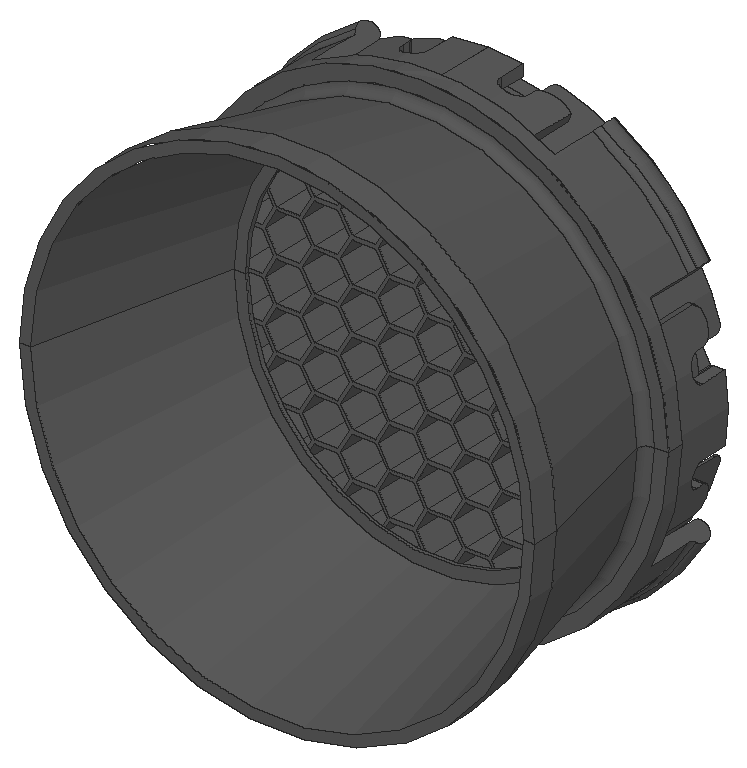
Revit family "SD1903", category Luminárias, Revit 2023
Family settings
  Cota do conector redondo = Utilizar diâmetro
  Tipo de parte = Normal
  Corte com vazios quando carregada = Não
  Fonte luminosa = Não
  Manter orientação da anotação = Não
  Compartilhado = Sim
  Ponto de cálculo do ambiente = Não
Parameters (values of type "SD1903")
  URL = "https://stella.com.br/"
  Referência = "SD1903"
  Modelo = "Kit Grade - Para Spot Flow MR11"
  Fabricante = "Stella"
  Estrutura = Al - Preto
  Default Elevation = 0 m
  Diâmetro [instance] = 0.046 m
  built-in parameter 1001306 [instance] = 0.046 m
  Altura = 0.025 m
Reference planes (m)
  plane 1 "Centro (Frente/Trás)": y = 0
  plane 2: z = 0
  plane 3 "Esquerda": x = 0
  plane 4 "Direita": x = 0.046
  plane 5: y = 0.012
  plane 6: y = -0.013
  plane 7: z = 0.023
  plane 8: z = -0.023
Forms (m)
  Revolve 1, solid, material "Al - Preto" <- "Estrutura"
    sketch origin (0, -0.013, 0) x (1, 0, 0) y (0, 1, 0)
      loop
        line (0.0009, 0) -> (0.004994, 0.01755) -> (0.002112, 0.01755) -> (0.002006, 0.023662)
        arc (0.002006, 0.023662) -> (0.001797, 0.024141) -> (0.001294, 0.02435) r 0.000712
        arc (0.001294, 0.02435) -> (0.000856, 0.024249) -> (0.000507, 0.023967) r 0.001
        arc (0.000507, 0.023967) -> (0.000301, 0.023265) -> (0.00059, 0.022593) r 0.00108
        arc (0.00059, 0.022593) -> (0.000833, 0.02223) -> (0.000881, 0.021795) r 0.000918
        line (0.000881, 0.021795) -> (0.00078, 0.01605) -> (0.002095, 0.01605)
        arc (0.002095, 0.01605) -> (0.002722, 0.015747) -> (0.002875, 0.015068) r 0.0008
        line (0.002875, 0.015068) -> (-0.000056, 0.002504) -> (-0.0001, 0) -> (0.0009, 0)
      axis (0.023, 0.02435) -> (0.023, 0)
    angle from 0 to 360
  Revolve 2, solid, material "Al - Preto" <- "Estrutura"
    sketch origin (0, 0, 0) x (1, 0, 0) y (0, 1, 0)
      loop
        arc (0.0027, 0.00525) -> (0.002905, 0.004755) -> (0.0034, 0.00455) r 0.0007
        line (0.0034, 0.00455) -> (0.006086, 0.00455) -> (0.006086, 0.0121) -> (0.0027, 0.0121) -> (0.0027, 0.00525)
      axis (0.023, 0.00455) -> (0.023, 0.0121)
    angle from 0 to 360
  Revolve 3, void
    sketch origin (0, 0, 0) x (1, 0, 0) y (0, 1, 0)
      loop
        line (0.003, 0.0121) -> (0.003, 0.005427)
        arc (0.003, 0.005427) -> (0.003169, 0.005019) -> (0.003577, 0.00485) r 0.000577
        line (0.003577, 0.00485) -> (0.006291, 0.00485) -> (0.006291, 0.0121) -> (0.003, 0.0121)
      axis (0.023, 0.00485) -> (0.023, 0.0121)
    angle from 0 to 360
  Extrusion 4, void
    sketch origin (0, 0, 0) x (1, 0, 0) y (0, 1, 0)
      loop
        line (0.0181, 0.00905) -> (0.0279, 0.00905) -> (0.0279, 0.0115)
        arc (0.0279, 0.0115) -> (0.028076, 0.011924) -> (0.0285, 0.0121) r 0.0006
        line (0.0285, 0.0121) -> (0.0175, 0.0121)
        arc (0.0175, 0.0121) -> (0.017924, 0.011924) -> (0.0181, 0.0115) r 0.0006
        line (0.0181, 0.0115) -> (0.0181, 0.00905)
    from -0.020699 to 0.020712
  Extrusion 5, void
    sketch origin (0.023, 0, -0.023) x (0, 0, 1) y (0, 1, 0)
      loop
        line (0.0181, 0.00905) -> (0.0279, 0.00905) -> (0.0279, 0.0115)
        arc (0.0279, 0.0115) -> (0.028076, 0.011924) -> (0.0285, 0.0121) r 0.0006
        line (0.0285, 0.0121) -> (0.0175, 0.0121)
        arc (0.0175, 0.0121) -> (0.017924, 0.011924) -> (0.0181, 0.0115) r 0.0006
        line (0.0181, 0.0115) -> (0.0181, 0.00905)
    from -0.020699 to 0.020712
  Revolve 6, solid, material "Al - Preto" <- "Estrutura"
    sketch origin (0, 0, 0) x (1, 0, 0) y (0, 1, 0)
      loop
        line (0.005204, 0.0105) -> (0.005204, 0.0121) -> (0.0033, 0.0121)
        arc (0.0033, 0.0121) -> (0.002876, 0.011924) -> (0.0027, 0.0115) r 0.0006
        line (0.0027, 0.0115) -> (0.0027, 0.0105) -> (0.005204, 0.0105)
      axis (0.023, 0.0105) -> (0.023, 0.0121)
    angle from 0 to 360
  Extrusion 7, void
    sketch origin (0.006708, 0, -0.016245) x (0.708021, 0, 0.706192) y (0, 1, 0)
      loop
        line (0.027, 0.0121) -> (0.019, 0.0121) -> (0.019, 0.0105) -> (0.027, 0.0105) -> (0.027, 0.0121)
    from -0.02062 to 0.0206
  Extrusion 8, void
    sketch origin (0.039292, 0, -0.016245) x (-0.708021, 0, 0.706192) y (0, -1, 0)
      loop
        line (0.019, -0.0105) -> (0.019, -0.0121) -> (0.027, -0.0121) -> (0.027, -0.0105) -> (0.019, -0.0105)
    from -0.02062 to 0.0206
  Extrusion 9, void
    sketch origin (0.006737, 0, 0.016263) x (0.707107, 0, -0.707107) y (0.707107, 0, 0.707107)
      loop
        arc (0.005064, 0.002433) -> (0.0049, 0) -> (0.005064, -0.002433) r 0.0181
        arc (0.005064, -0.002433) -> (0.004945, -0.002829) -> (0.004569, -0.003) r 0.0005
        line (0.004569, -0.003) -> (0.002543, -0.003)
        arc (0.002543, -0.003) -> (0.00838, -0.01462) -> (0.02, -0.020457) r 0.020675
        line (0.02, -0.020457) -> (0.02, -0.018431)
        arc (0.02, -0.018431) -> (0.020171, -0.018055) -> (0.020567, -0.017936) r 0.0005
        arc (0.020567, -0.017936) -> (0.023, -0.0181) -> (0.025433, -0.017936) r 0.0181
        arc (0.025433, -0.017936) -> (0.025829, -0.018055) -> (0.026, -0.018431) r 0.0005
        line (0.026, -0.018431) -> (0.026, -0.020457)
        arc (0.026, -0.020457) -> (0.03762, -0.01462) -> (0.043457, -0.003) r 0.020675
        line (0.043457, -0.003) -> (0.041431, -0.003)
        arc (0.041431, -0.003) -> (0.041055, -0.002829) -> (0.040936, -0.002433) r 0.0005
        arc (0.040936, -0.002433) -> (0.0411, 0) -> (0.040936, 0.002433) r 0.0181
        arc (0.040936, 0.002433) -> (0.041055, 0.002829) -> (0.041431, 0.003) r 0.0005
        line (0.041431, 0.003) -> (0.043457, 0.003)
        arc (0.043457, 0.003) -> (0.03762, 0.01462) -> (0.026, 0.020457) r 0.020675
        line (0.026, 0.020457) -> (0.026, 0.018431)
        arc (0.026, 0.018431) -> (0.025829, 0.018055) -> (0.025433, 0.017936) r 0.0005
        arc (0.025433, 0.017936) -> (0.023, 0.0181) -> (0.020567, 0.017936) r 0.0181
        arc (0.020567, 0.017936) -> (0.020171, 0.018055) -> (0.02, 0.018431) r 0.0005
        line (0.02, 0.018431) -> (0.02, 0.020457)
        arc (0.02, 0.020457) -> (0.00838, 0.01462) -> (0.002543, 0.003) r 0.020675
        line (0.002543, 0.003) -> (0.004569, 0.003)
        arc (0.004569, 0.003) -> (0.004945, 0.002829) -> (0.005064, 0.002433) r 0.0005
    from -0.012324 to -0.00455
  Revolve 10, void
    sketch origin (0, 0, 0) x (1, 0, 0) y (0, 1, 0)
      loop
        line (0.002969, 0.011223) -> (0.002969, 0.010183) -> (0.006454, 0.010183) -> (0.006454, 0.0118) -> (0.003547, 0.0118)
        arc (0.003547, 0.0118) -> (0.003138, 0.011631) -> (0.002969, 0.011223) r 0.000577
      axis (0.023, 0.010183) -> (0.023, 0.0118)
    angle from 0 to 360
  Extrusion 11, solid, material "Al - Preto" <- "Estrutura"
    sketch origin (0, 0, 0) x (1, 0, 0) y (0, 0, 1)
      loop
        circle (0.023, -0.000022) r 0.0195
    from -0.0115 to -0.00515
  Extrusion 12, void
    sketch origin (0, 0, 0) x (1, 0, 0) y (0, 0, 1)
      loop
        line (0.024033, -0.002132) -> (0.021955, -0.002132) -> (0.020916, -0.003932) -> (0.021955, -0.005732) -> (0.024033, -0.005732) -> (0.025073, -0.003932) -> (0.024033, -0.002132)
      loop
        line (0.024033, 0.001778) -> (0.021955, 0.001778) -> (0.020916, -0.000022) -> (0.021955, -0.001822) -> (0.024033, -0.001822) -> (0.025073, -0.000022) -> (0.024033, 0.001778)
      loop
        line (0.024033, -0.006032) -> (0.021955, -0.006032) -> (0.020916, -0.007832) -> (0.021955, -0.009632) -> (0.024033, -0.009632) -> (0.025073, -0.007832) -> (0.024033, -0.006032)
      loop
        line (0.024033, -0.009932) -> (0.021955, -0.009932) -> (0.020916, -0.011732) -> (0.021955, -0.013532) -> (0.024033, -0.013532) -> (0.025073, -0.011732) -> (0.024033, -0.009932)
      loop
        line (0.024033, -0.013832) -> (0.021955, -0.013832) -> (0.020916, -0.015632) -> (0.021955, -0.017432) -> (0.024033, -0.017432) -> (0.025073, -0.015632) -> (0.024033, -0.013832)
      loop
        line (0.024033, -0.017732) -> (0.021955, -0.017732) -> (0.020916, -0.019532) -> (0.021955, -0.021332) -> (0.024033, -0.021332) -> (0.025073, -0.019532) -> (0.024033, -0.017732)
      loop
        line (0.024033, 0.017378) -> (0.021955, 0.017378) -> (0.020916, 0.015578) -> (0.021955, 0.013778) -> (0.024033, 0.013778) -> (0.025073, 0.015578) -> (0.024033, 0.017378)
      loop
        line (0.024033, 0.021288) -> (0.021955, 0.021288) -> (0.020916, 0.019488) -> (0.021955, 0.017688) -> (0.024033, 0.017688) -> (0.025073, 0.019488) -> (0.024033, 0.021288)
      loop
        line (0.024033, 0.013478) -> (0.021955, 0.013478) -> (0.020916, 0.011678) -> (0.021955, 0.009878) -> (0.024033, 0.009878) -> (0.025073, 0.011678) -> (0.024033, 0.013478)
      loop
        line (0.024033, 0.009578) -> (0.021955, 0.009578) -> (0.020916, 0.007778) -> (0.021955, 0.005978) -> (0.024033, 0.005978) -> (0.025073, 0.007778) -> (0.024033, 0.009578)
      loop
        line (0.024033, 0.005678) -> (0.021955, 0.005678) -> (0.020916, 0.003878) -> (0.021955, 0.002078) -> (0.024033, 0.002078) -> (0.025073, 0.003878) -> (0.024033, 0.005678)
      loop
        line (0.02742, -0.004087) -> (0.025341, -0.004087) -> (0.024302, -0.005887) -> (0.025341, -0.007687) -> (0.02742, -0.007687) -> (0.028459, -0.005887) -> (0.02742, -0.004087)
      loop
        line (0.02742, -0.000177) -> (0.025341, -0.000177) -> (0.024302, -0.001977) -> (0.025341, -0.003777) -> (0.02742, -0.003777) -> (0.028459, -0.001977) -> (0.02742, -0.000177)
      loop
        line (0.02742, -0.007987) -> (0.025341, -0.007987) -> (0.024302, -0.009787) -> (0.025341, -0.011587) -> (0.02742, -0.011587) -> (0.028459, -0.009787) -> (0.02742, -0.007987)
      loop
        line (0.02742, -0.011887) -> (0.025341, -0.011887) -> (0.024302, -0.013687) -> (0.025341, -0.015487) -> (0.02742, -0.015487) -> (0.028459, -0.013687) -> (0.02742, -0.011887)
      loop
        line (0.02742, 0.015423) -> (0.025341, 0.015423) -> (0.024302, 0.013623) -> (0.025341, 0.011823) -> (0.02742, 0.011823) -> (0.028459, 0.013623) -> (0.02742, 0.015423)
      loop
        line (0.02742, 0.011523) -> (0.025341, 0.011523) -> (0.024302, 0.009723) -> (0.025341, 0.007923) -> (0.02742, 0.007923) -> (0.028459, 0.009723) -> (0.02742, 0.011523)
      loop
        line (0.02742, 0.007623) -> (0.025341, 0.007623) -> (0.024302, 0.005823) -> (0.025341, 0.004023) -> (0.02742, 0.004023) -> (0.028459, 0.005823) -> (0.02742, 0.007623)
      loop
        line (0.02742, 0.003723) -> (0.025341, 0.003723) -> (0.024302, 0.001923) -> (0.025341, 0.000123) -> (0.02742, 0.000123) -> (0.028459, 0.001923) -> (0.02742, 0.003723)
      loop
        line (0.018569, -0.004087) -> (0.01753, -0.005887) -> (0.018569, -0.007687) -> (0.020647, -0.007687) -> (0.021687, -0.005887) -> (0.020647, -0.004087) -> (0.018569, -0.004087)
      loop
        line (0.018569, -0.000177) -> (0.01753, -0.001977) -> (0.018569, -0.003777) -> (0.020647, -0.003777) -> (0.021687, -0.001977) -> (0.020647, -0.000177) -> (0.018569, -0.000177)
      loop
        line (0.018569, -0.007987) -> (0.01753, -0.009787) -> (0.018569, -0.011587) -> (0.020647, -0.011587) -> (0.021687, -0.009787) -> (0.020647, -0.007987) -> (0.018569, -0.007987)
      loop
        line (0.018569, -0.011887) -> (0.01753, -0.013687) -> (0.018569, -0.015487) -> (0.020647, -0.015487) -> (0.021687, -0.013687) -> (0.020647, -0.011887) -> (0.018569, -0.011887)
      loop
        line (0.018569, 0.015423) -> (0.01753, 0.013623) -> (0.018569, 0.011823) -> (0.020647, 0.011823) -> (0.021687, 0.013623) -> (0.020647, 0.015423) -> (0.018569, 0.015423)
      loop
        line (0.018569, 0.011523) -> (0.01753, 0.009723) -> (0.018569, 0.007923) -> (0.020647, 0.007923) -> (0.021687, 0.009723) -> (0.020647, 0.011523) -> (0.018569, 0.011523)
      loop
        line (0.018569, 0.007623) -> (0.01753, 0.005823) -> (0.018569, 0.004023) -> (0.020647, 0.004023) -> (0.021687, 0.005823) -> (0.020647, 0.007623) -> (0.018569, 0.007623)
      loop
        line (0.018569, 0.003723) -> (0.01753, 0.001923) -> (0.018569, 0.000123) -> (0.020647, 0.000123) -> (0.021687, 0.001923) -> (0.020647, 0.003723) -> (0.018569, 0.003723)
      loop
        line (0.017278, -0.002132) -> (0.0152, -0.002132) -> (0.014161, -0.003932) -> (0.0152, -0.005732) -> (0.017278, -0.005732) -> (0.018318, -0.003932) -> (0.017278, -0.002132)
      loop
        line (0.017278, 0.001778) -> (0.0152, 0.001778) -> (0.014161, -0.000022) -> (0.0152, -0.001822) -> (0.017278, -0.001822) -> (0.018318, -0.000022) -> (0.017278, 0.001778)
      loop
        line (0.017278, -0.006032) -> (0.0152, -0.006032) -> (0.014161, -0.007832) -> (0.0152, -0.009632) -> (0.017278, -0.009632) -> (0.018318, -0.007832) -> (0.017278, -0.006032)
      loop
        line (0.017278, -0.009932) -> (0.0152, -0.009932) -> (0.014161, -0.011732) -> (0.0152, -0.013532) -> (0.017278, -0.013532) -> (0.018318, -0.011732) -> (0.017278, -0.009932)
      loop
        line (0.017278, 0.017378) -> (0.0152, 0.017378) -> (0.014161, 0.015578) -> (0.0152, 0.013778) -> (0.017278, 0.013778) -> (0.018318, 0.015578) -> (0.017278, 0.017378)
      loop
        line (0.017278, 0.013478) -> (0.0152, 0.013478) -> (0.014161, 0.011678) -> (0.0152, 0.009878) -> (0.017278, 0.009878) -> (0.018318, 0.011678) -> (0.017278, 0.013478)
      loop
        line (0.017278, 0.009578) -> (0.0152, 0.009578) -> (0.014161, 0.007778) -> (0.0152, 0.005978) -> (0.017278, 0.005978) -> (0.018318, 0.007778) -> (0.017278, 0.009578)
      loop
        line (0.017278, 0.005678) -> (0.0152, 0.005678) -> (0.014161, 0.003878) -> (0.0152, 0.002078) -> (0.017278, 0.002078) -> (0.018318, 0.003878) -> (0.017278, 0.005678)
      loop
        line (0.011814, -0.004087) -> (0.010775, -0.005887) -> (0.011814, -0.007687) -> (0.013892, -0.007687) -> (0.014932, -0.005887) -> (0.013892, -0.004087) -> (0.011814, -0.004087)
      loop
        line (0.011814, -0.000177) -> (0.010775, -0.001977) -> (0.011814, -0.003777) -> (0.013892, -0.003777) -> (0.014932, -0.001977) -> (0.013892, -0.000177) -> (0.011814, -0.000177)
      loop
        line (0.011814, -0.007987) -> (0.010775, -0.009787) -> (0.011814, -0.011587) -> (0.013892, -0.011587) -> (0.014932, -0.009787) -> (0.013892, -0.007987) -> (0.011814, -0.007987)
      loop
        line (0.011814, -0.011887) -> (0.010775, -0.013687) -> (0.011814, -0.015487) -> (0.013892, -0.015487) -> (0.014932, -0.013687) -> (0.013892, -0.011887) -> (0.011814, -0.011887)
      loop
        line (0.011814, 0.015423) -> (0.010775, 0.013623) -> (0.011814, 0.011823) -> (0.013892, 0.011823) -> (0.014932, 0.013623) -> (0.013892, 0.015423) -> (0.011814, 0.015423)
      loop
        line (0.011814, 0.011523) -> (0.010775, 0.009723) -> (0.011814, 0.007923) -> (0.013892, 0.007923) -> (0.014932, 0.009723) -> (0.013892, 0.011523) -> (0.011814, 0.011523)
      loop
        line (0.011814, 0.007623) -> (0.010775, 0.005823) -> (0.011814, 0.004023) -> (0.013892, 0.004023) -> (0.014932, 0.005823) -> (0.013892, 0.007623) -> (0.011814, 0.007623)
      loop
        line (0.011814, 0.003723) -> (0.010775, 0.001923) -> (0.011814, 0.000123) -> (0.013892, 0.000123) -> (0.014932, 0.001923) -> (0.013892, 0.003723) -> (0.011814, 0.003723)
      loop
        line (0.008428, -0.002132) -> (0.007388, -0.003932) -> (0.008428, -0.005732) -> (0.010506, -0.005732) -> (0.011545, -0.003932) -> (0.010506, -0.002132) -> (0.008428, -0.002132)
      loop
        line (0.008428, 0.001778) -> (0.007388, -0.000022) -> (0.008428, -0.001822) -> (0.010506, -0.001822) -> (0.011545, -0.000022) -> (0.010506, 0.001778) -> (0.008428, 0.001778)
      loop
        line (0.008428, -0.006032) -> (0.007388, -0.007832) -> (0.008428, -0.009632) -> (0.010506, -0.009632) -> (0.011545, -0.007832) -> (0.010506, -0.006032) -> (0.008428, -0.006032)
      loop
        line (0.008428, 0.009578) -> (0.007388, 0.007778) -> (0.008428, 0.005978) -> (0.010506, 0.005978) -> (0.011545, 0.007778) -> (0.010506, 0.009578) -> (0.008428, 0.009578)
      loop
        line (0.008428, 0.005678) -> (0.007388, 0.003878) -> (0.008428, 0.002078) -> (0.010506, 0.002078) -> (0.011545, 0.003878) -> (0.010506, 0.005678) -> (0.008428, 0.005678)
      loop
        line (0.00712, -0.000177) -> (0.005042, -0.000177) -> (0.004002, -0.001977) -> (0.005042, -0.003777) -> (0.00712, -0.003777) -> (0.008159, -0.001977) -> (0.00712, -0.000177)
      loop
        line (0.00712, 0.003723) -> (0.005042, 0.003723) -> (0.004002, 0.001923) -> (0.005042, 0.000123) -> (0.00712, 0.000123) -> (0.008159, 0.001923) -> (0.00712, 0.003723)
      loop
        line (0.02871, -0.002132) -> (0.027671, -0.003932) -> (0.02871, -0.005732) -> (0.030788, -0.005732) -> (0.031828, -0.003932) -> (0.030788, -0.002132) -> (0.02871, -0.002132)
      loop
        line (0.02871, 0.001778) -> (0.027671, -0.000022) -> (0.02871, -0.001822) -> (0.030788, -0.001822) -> (0.031828, -0.000022) -> (0.030788, 0.001778) -> (0.02871, 0.001778)
      loop
        line (0.02871, -0.006032) -> (0.027671, -0.007832) -> (0.02871, -0.009632) -> (0.030788, -0.009632) -> (0.031828, -0.007832) -> (0.030788, -0.006032) -> (0.02871, -0.006032)
      loop
        line (0.02871, -0.009932) -> (0.027671, -0.011732) -> (0.02871, -0.013532) -> (0.030788, -0.013532) -> (0.031828, -0.011732) -> (0.030788, -0.009932) -> (0.02871, -0.009932)
      loop
        line (0.02871, 0.017378) -> (0.027671, 0.015578) -> (0.02871, 0.013778) -> (0.030788, 0.013778) -> (0.031828, 0.015578) -> (0.030788, 0.017378) -> (0.02871, 0.017378)
      loop
        line (0.02871, 0.013478) -> (0.027671, 0.011678) -> (0.02871, 0.009878) -> (0.030788, 0.009878) -> (0.031828, 0.011678) -> (0.030788, 0.013478) -> (0.02871, 0.013478)
      loop
        line (0.02871, 0.009578) -> (0.027671, 0.007778) -> (0.02871, 0.005978) -> (0.030788, 0.005978) -> (0.031828, 0.007778) -> (0.030788, 0.009578) -> (0.02871, 0.009578)
      loop
        line (0.02871, 0.005678) -> (0.027671, 0.003878) -> (0.02871, 0.002078) -> (0.030788, 0.002078) -> (0.031828, 0.003878) -> (0.030788, 0.005678) -> (0.02871, 0.005678)
      loop
        line (0.034175, -0.004087) -> (0.032096, -0.004087) -> (0.031057, -0.005887) -> (0.032096, -0.007687) -> (0.034175, -0.007687) -> (0.035214, -0.005887) -> (0.034175, -0.004087)
      loop
        line (0.034175, -0.000177) -> (0.032096, -0.000177) -> (0.031057, -0.001977) -> (0.032096, -0.003777) -> (0.034175, -0.003777) -> (0.035214, -0.001977) -> (0.034175, -0.000177)
      loop
        line (0.034175, -0.007987) -> (0.032096, -0.007987) -> (0.031057, -0.009787) -> (0.032096, -0.011587) -> (0.034175, -0.011587) -> (0.035214, -0.009787) -> (0.034175, -0.007987)
      loop
        line (0.034175, -0.011887) -> (0.032096, -0.011887) -> (0.031057, -0.013687) -> (0.032096, -0.015487) -> (0.034175, -0.015487) -> (0.035214, -0.013687) -> (0.034175, -0.011887)
      loop
        line (0.034175, 0.015423) -> (0.032096, 0.015423) -> (0.031057, 0.013623) -> (0.032096, 0.011823) -> (0.034175, 0.011823) -> (0.035214, 0.013623) -> (0.034175, 0.015423)
      loop
        line (0.034175, 0.011523) -> (0.032096, 0.011523) -> (0.031057, 0.009723) -> (0.032096, 0.007923) -> (0.034175, 0.007923) -> (0.035214, 0.009723) -> (0.034175, 0.011523)
      loop
        line (0.034175, 0.007623) -> (0.032096, 0.007623) -> (0.031057, 0.005823) -> (0.032096, 0.004023) -> (0.034175, 0.004023) -> (0.035214, 0.005823) -> (0.034175, 0.007623)
      loop
        line (0.034175, 0.003723) -> (0.032096, 0.003723) -> (0.031057, 0.001923) -> (0.032096, 0.000123) -> (0.034175, 0.000123) -> (0.035214, 0.001923) -> (0.034175, 0.003723)
      loop
        line (0.037561, -0.002132) -> (0.035482, -0.002132) -> (0.034443, -0.003932) -> (0.035482, -0.005732) -> (0.037561, -0.005732) -> (0.0386, -0.003932) -> (0.037561, -0.002132)
      loop
        line (0.037561, 0.001778) -> (0.035482, 0.001778) -> (0.034443, -0.000022) -> (0.035482, -0.001822) -> (0.037561, -0.001822) -> (0.0386, -0.000022) -> (0.037561, 0.001778)
      loop
        line (0.037561, -0.006032) -> (0.035482, -0.006032) -> (0.034443, -0.007832) -> (0.035482, -0.009632) -> (0.037561, -0.009632) -> (0.0386, -0.007832) -> (0.037561, -0.006032)
      loop
        line (0.037561, 0.009578) -> (0.035482, 0.009578) -> (0.034443, 0.007778) -> (0.035482, 0.005978) -> (0.037561, 0.005978) -> (0.0386, 0.007778) -> (0.037561, 0.009578)
      loop
        line (0.037561, 0.005678) -> (0.035482, 0.005678) -> (0.034443, 0.003878) -> (0.035482, 0.002078) -> (0.037561, 0.002078) -> (0.0386, 0.003878) -> (0.037561, 0.005678)
      loop
        line (0.038868, -0.000177) -> (0.037829, -0.001977) -> (0.038868, -0.003777) -> (0.040947, -0.003777) -> (0.041986, -0.001977) -> (0.040947, -0.000177) -> (0.038868, -0.000177)
      loop
        line (0.038868, 0.003723) -> (0.037829, 0.001923) -> (0.038868, 0.000123) -> (0.040947, 0.000123) -> (0.041986, 0.001923) -> (0.040947, 0.003723) -> (0.038868, 0.003723)
      loop
        line (0.008428, 0.013478) -> (0.007388, 0.011678) -> (0.008428, 0.009878) -> (0.010506, 0.009878) -> (0.011545, 0.011678) -> (0.010506, 0.013478) -> (0.008428, 0.013478)
      loop
        line (0.008428, -0.009932) -> (0.007388, -0.011732) -> (0.008428, -0.013532) -> (0.010506, -0.013532) -> (0.011545, -0.011732) -> (0.010506, -0.009932) -> (0.008428, -0.009932)
      loop
        line (0.037561, 0.013478) -> (0.035482, 0.013478) -> (0.034443, 0.011678) -> (0.035482, 0.009878) -> (0.037561, 0.009878) -> (0.0386, 0.011678) -> (0.037561, 0.013478)
      loop
        line (0.037561, -0.009932) -> (0.035482, -0.009932) -> (0.034443, -0.011732) -> (0.035482, -0.013532) -> (0.037561, -0.013532) -> (0.0386, -0.011732) -> (0.037561, -0.009932)
      loop
        line (0.017278, -0.017433) -> (0.018318, -0.015633) -> (0.017278, -0.013833) -> (0.0152, -0.013833) -> (0.014161, -0.015633) -> (0.0152, -0.017433) -> (0.017278, -0.017433)
      loop
        line (0.02871, -0.017433) -> (0.030788, -0.017433) -> (0.031828, -0.015633) -> (0.030788, -0.013833) -> (0.02871, -0.013833) -> (0.027671, -0.015633) -> (0.02871, -0.017433)
      loop
        line (0.00712, 0.007623) -> (0.004865, 0.007623) -> (0.003914, 0.005976) -> (0.005042, 0.004023) -> (0.00712, 0.004023) -> (0.008159, 0.005823) -> (0.00712, 0.007623)
      loop
        line (0.038868, 0.007623) -> (0.037829, 0.005823) -> (0.038868, 0.004023) -> (0.040947, 0.004023) -> (0.042075, 0.005976) -> (0.041124, 0.007623) -> (0.038868, 0.007623)
      loop
        line (0.007283, 0.01124) -> (0.005368, 0.007923) -> (0.00712, 0.007923) -> (0.008159, 0.009723) -> (0.007283, 0.01124)
      loop
        line (0.038705, 0.01124) -> (0.037829, 0.009723) -> (0.038868, 0.007923) -> (0.04062, 0.007923) -> (0.038705, 0.01124)
      loop
        line (0.007283, -0.011284) -> (0.008159, -0.009767) -> (0.00712, -0.007967) -> (0.005368, -0.007967) -> (0.007283, -0.011284)
      loop
        line (0.038705, -0.011284) -> (0.04062, -0.007967) -> (0.038868, -0.007967) -> (0.037829, -0.009767) -> (0.038705, -0.011284)
      loop
        line (0.038868, -0.007667) -> (0.041214, -0.007667) -> (0.04212, -0.006098) -> (0.040947, -0.004067) -> (0.038868, -0.004067) -> (0.037829, -0.005867) -> (0.038868, -0.007667)
      loop
        line (0.00712, -0.007667) -> (0.008159, -0.005867) -> (0.00712, -0.004067) -> (0.005042, -0.004067) -> (0.003869, -0.006098) -> (0.004774, -0.007667) -> (0.00712, -0.007667)
      loop
        line (0.042255, 0.001778) -> (0.041215, -0.000022) -> (0.042255, -0.001822) -> (0.044333, -0.001822) -> (0.045372, -0.000022) -> (0.044333, 0.001778) -> (0.042255, 0.001778)
      loop
        line (0.042411, 0.005678) -> (0.041333, 0.00381) -> (0.042197, 0.002313) -> (0.044468, 0.002313) -> (0.045372, 0.003878) -> (0.044333, 0.005678) -> (0.042411, 0.005678)
      loop
        line (0.003578, 0.005678) -> (0.001655, 0.005678) -> (0.000616, 0.003878) -> (0.00152, 0.002313) -> (0.003791, 0.002313) -> (0.004656, 0.00381) -> (0.003578, 0.005678)
      loop
        line (0.042411, -0.005722) -> (0.044333, -0.005722) -> (0.045372, -0.003922) -> (0.044468, -0.002356) -> (0.042197, -0.002356) -> (0.041333, -0.003854) -> (0.042411, -0.005722)
      loop
        line (0.003578, -0.005722) -> (0.004656, -0.003854) -> (0.003791, -0.002356) -> (0.00152, -0.002356) -> (0.000616, -0.003922) -> (0.001655, -0.005722) -> (0.003578, -0.005722)
      loop
        line (0.02871, 0.017668) -> (0.030788, 0.017668) -> (0.031828, 0.019468) -> (0.030788, 0.021268) -> (0.02871, 0.021268) -> (0.027671, 0.019468) -> (0.02871, 0.017668)
      loop
        line (0.034096, 0.015723) -> (0.035175, 0.017591) -> (0.034175, 0.019323) -> (0.032174, 0.019323) -> (0.031096, 0.017455) -> (0.032096, 0.015723) -> (0.034096, 0.015723)
      loop
        line (0.018569, 0.015733) -> (0.020647, 0.015733) -> (0.021687, 0.017533) -> (0.020956, 0.018799) -> (0.018877, 0.018799) -> (0.017838, 0.016999) -> (0.018569, 0.015733)
      loop
        line (0.02742, 0.015733) -> (0.028151, 0.016999) -> (0.027111, 0.018799) -> (0.025033, 0.018799) -> (0.024302, 0.017533) -> (0.025341, 0.015733) -> (0.02742, 0.015733)
      loop
        line (0.018569, -0.015777) -> (0.017838, -0.017043) -> (0.018877, -0.018843) -> (0.020956, -0.018843) -> (0.021687, -0.017577) -> (0.020647, -0.015777) -> (0.018569, -0.015777)
      loop
        line (0.02742, -0.015777) -> (0.025341, -0.015777) -> (0.024302, -0.017577) -> (0.025033, -0.018843) -> (0.027111, -0.018843) -> (0.028151, -0.017043) -> (0.02742, -0.015777)
      loop
        line (0.02871, -0.017712) -> (0.027671, -0.019512) -> (0.02871, -0.021312) -> (0.030788, -0.021312) -> (0.031828, -0.019512) -> (0.030788, -0.017712) -> (0.02871, -0.017712)
      loop
        line (0.034096, -0.015767) -> (0.032096, -0.015767) -> (0.031096, -0.017499) -> (0.032174, -0.019367) -> (0.034175, -0.019367) -> (0.035175, -0.017635) -> (0.034096, -0.015767)
      loop
        line (0.017278, -0.017712) -> (0.0152, -0.017712) -> (0.014161, -0.019512) -> (0.0152, -0.021312) -> (0.017278, -0.021312) -> (0.018318, -0.019512) -> (0.017278, -0.017712)
      loop
        line (0.011892, -0.015767) -> (0.010814, -0.017635) -> (0.011814, -0.019367) -> (0.013814, -0.019367) -> (0.014892, -0.017499) -> (0.013892, -0.015767) -> (0.011892, -0.015767)
      loop
        line (0.003734, 0.001778) -> (0.001655, 0.001778) -> (0.000616, -0.000022) -> (0.001655, -0.001822) -> (0.003734, -0.001822) -> (0.004773, -0.000022) -> (0.003734, 0.001778)
      loop
        line (0.017278, 0.017668) -> (0.018318, 0.019468) -> (0.017278, 0.021268) -> (0.0152, 0.021268) -> (0.014161, 0.019468) -> (0.0152, 0.017668) -> (0.017278, 0.017668)
      loop
        line (0.011892, 0.015723) -> (0.013892, 0.015723) -> (0.014892, 0.017455) -> (0.013814, 0.019323) -> (0.011814, 0.019323) -> (0.010814, 0.017591) -> (0.011892, 0.015723)
    from -0.0115 to -0.00515
  Extrusion 13, void
    sketch origin (0.006752, 0, 0.016257) x (0.707107, 0, -0.707107) y (0.707107, 0, 0.707107)
      loop
        line (0.016977, 0.00599) -> (0.016977, 0.023082)
        arc (0.016977, 0.023082) -> (0.006112, 0.016857) -> (-0.000109, 0.00599) r 0.023879
        line (-0.000109, 0.00599) -> (0.016977, 0.00599)
      loop
        line (0.016977, -0.006041) -> (-0.000109, -0.006041)
        arc (-0.000109, -0.006041) -> (0.006112, -0.016908) -> (0.016977, -0.023133) r 0.023879
        line (0.016977, -0.023133) -> (0.016977, -0.006041)
      loop
        line (0.029015, 0.005997) -> (0.046107, 0.005997)
        arc (0.046107, 0.005997) -> (0.039883, 0.016863) -> (0.029015, 0.023084) r 0.023879
        line (0.029015, 0.023084) -> (0.029015, 0.005997)
      loop
        line (0.029015, -0.006048) -> (0.029015, -0.023134)
        arc (0.029015, -0.023134) -> (0.039883, -0.016913) -> (0.046107, -0.006048) r 0.023879
        line (0.046107, -0.006048) -> (0.029015, -0.006048)
    from -0.0121 to -0.00455
  Revolve 14, solid, material "Al - Preto" <- "Estrutura"
    sketch origin (0.023, 0, 0) x (0, 1, 0) y (0, 0, 1)
      loop
        line (0.00455, 0.021506) -> (0.00455, 0.020517) -> (0.01055, 0.020517) -> (0.01055, 0.021506) -> (0.00455, 0.021506)
      axis (0.00455, 0) -> (0.01055, 0)
    angle from 0 to 360
  Extrusion 15, void
    sketch origin (0, 0, -0.000001) x (1, 0, 0) y (0, 0, 1)
      loop
        arc (0.044908, 0.009401) -> (0.039856, 0.016858) -> (0.032397, 0.021909) r 0.02384
        line (0.032397, 0.021909) -> (0.027238, 0.009881) -> (0.023, 0.005643) -> (0.018762, 0.009881) -> (0.013603, 0.021909)
        arc (0.013603, 0.021909) -> (0.006144, 0.016858) -> (0.001092, 0.009401) r 0.02384
        line (0.001092, 0.009401) -> (0.01205, 0.004699) -> (0.017053, -0.000304) -> (0.013118, -0.004239) -> (0.001091, -0.009399)
        arc (0.001091, -0.009399) -> (0.006142, -0.016856) -> (0.013598, -0.021907) r 0.02384
        line (0.013598, -0.021907) -> (0.018296, -0.010956) -> (0.023, -0.006252) -> (0.027704, -0.010956) -> (0.032402, -0.021907)
        arc (0.032402, -0.021907) -> (0.039858, -0.016856) -> (0.044909, -0.009399) r 0.02384
        line (0.044909, -0.009399) -> (0.032882, -0.004239) -> (0.028947, -0.000304) -> (0.03395, 0.004699) -> (0.044908, 0.009401)
    from -0.0121 to -0.003607
  Extrusion 16, void
    sketch origin (0, 0, 0) x (0, 1, 0) y (0, 0, 1)
      loop
        line (0.00805, 0.003042) -> (0.012, 0.003042) -> (0.012, 0.00848) -> (0.008836, 0.00848)
        spline (0.008836, 0.00848) -> (0.009042, 0.00843) -> (0.009234, 0.008283) -> (0.009399, 0.008049) -> (0.009525, 0.007745) -> (0.009605, 0.00739) -> (0.009632, 0.007009) -> (0.009605, 0.006629) -> (0.009525, 0.006274) -> (0.009399, 0.005969) -> (0.009234, 0.005736) -> (0.009042, 0.005589) -> (0.008836, 0.005539)
        line (0.008836, 0.005539) -> (0.00805, 0.005539)
        spline (0.00805, 0.005539) -> (0.007787, 0.005496) -> (0.007541, 0.005371) -> (0.00733, 0.005173) -> (0.007169, 0.004914) -> (0.007067, 0.004613) -> (0.007032, 0.00429) -> (0.007067, 0.003967) -> (0.007169, 0.003666) -> (0.00733, 0.003407) -> (0.007541, 0.003209) -> (0.007787, 0.003084) -> (0.00805, 0.003042)
      loop
        spline (0.00805, -0.003042) -> (0.007787, -0.003084) -> (0.007541, -0.003209) -> (0.00733, -0.003407) -> (0.007169, -0.003666) -> (0.007067, -0.003967) -> (0.007032, -0.00429) -> (0.007067, -0.004613) -> (0.007169, -0.004914) -> (0.00733, -0.005173) -> (0.007541, -0.005371) -> (0.007787, -0.005496) -> (0.00805, -0.005539)
        line (0.00805, -0.005539) -> (0.008836, -0.005539)
        spline (0.008836, -0.005539) -> (0.009042, -0.005589) -> (0.009234, -0.005736) -> (0.009399, -0.005969) -> (0.009525, -0.006274) -> (0.009605, -0.006629) -> (0.009632, -0.007009) -> (0.009605, -0.00739) -> (0.009525, -0.007745) -> (0.009399, -0.008049) -> (0.009234, -0.008283) -> (0.009042, -0.00843) -> (0.008836, -0.00848)
        line (0.008836, -0.00848) -> (0.012, -0.00848) -> (0.012, -0.003042) -> (0.00805, -0.003042)
    from 0 to 0.046
  Extrusion 17, void
    sketch origin (0.000195, 0, 0) x (1, 0, 0) y (0, 1, 0)
      loop
        spline (0.02596, 0.00805) -> (0.026003, 0.00779) -> (0.026128, 0.007548) -> (0.026326, 0.00734) -> (0.026585, 0.00718) -> (0.026886, 0.00708) -> (0.02721, 0.007046) -> (0.027533, 0.00708) -> (0.027835, 0.00718) -> (0.028093, 0.00734) -> (0.028292, 0.007548) -> (0.028417, 0.00779) -> (0.028459, 0.00805)
        line (0.028459, 0.00805) -> (0.028459, 0.00885)
        spline (0.028459, 0.00885) -> (0.028511, 0.009042) -> (0.028662, 0.009221) -> (0.028901, 0.009374) -> (0.029214, 0.009492) -> (0.029578, 0.009566) -> (0.029969, 0.009592) -> (0.030359, 0.009566) -> (0.030723, 0.009492) -> (0.031036, 0.009374) -> (0.031276, 0.009221) -> (0.031426, 0.009042) -> (0.031478, 0.00885)
        line (0.031478, 0.00885) -> (0.031478, 0.0121) -> (0.02596, 0.0121) -> (0.02596, 0.00805)
      loop
        line (0.019649, 0.00805) -> (0.019649, 0.0121) -> (0.014131, 0.0121) -> (0.014131, 0.00885)
        spline (0.014131, 0.00885) -> (0.014183, 0.009042) -> (0.014334, 0.009221) -> (0.014574, 0.009374) -> (0.014886, 0.009492) -> (0.01525, 0.009566) -> (0.015641, 0.009592) -> (0.016031, 0.009566) -> (0.016395, 0.009492) -> (0.016708, 0.009374) -> (0.016948, 0.009221) -> (0.017099, 0.009042) -> (0.01715, 0.00885)
        line (0.01715, 0.00885) -> (0.01715, 0.00805)
        spline (0.01715, 0.00805) -> (0.017193, 0.00779) -> (0.017317, 0.007548) -> (0.017516, 0.00734) -> (0.017775, 0.00718) -> (0.018076, 0.00708) -> (0.0184, 0.007046) -> (0.018723, 0.00708) -> (0.019024, 0.00718) -> (0.019283, 0.00734) -> (0.019482, 0.007548) -> (0.019606, 0.00779) -> (0.019649, 0.00805)
    from -0.027793 to 0.025798
Cuts and joins
  Extrusion 13 cuts Revolve 1
  Revolve 3, Extrusion 4, Extrusion 5, Extrusion 7, Extrusion 8 cuts Revolve 2
  Extrusion 9, Revolve 10 cuts Revolve 6
  Extrusion 12 cuts Extrusion 11
  Extrusion 15, Extrusion 16, Extrusion 17 cuts Revolve 14
  joined: Revolve 1, Revolve 2, Revolve 6, Extrusion 11, Revolve 14
Lines and regions (m)
  reference lines
    curve 1: line (0, 0, 0) -> (0.046, 0, 0)
  symbolic lines
    curve 2: line (0.0027, 0, -0.000022) -> (0.0433, 0, -0.000022)
Dimensions and locks (m)
  "built-in parameter 1001306": plane 3 "Esquerda" to plane 4 "Direita"
  "Altura": plane 5 to plane 6
  "Diâmetro": plane 4 "Direita" to plane 3 "Esquerda"
  aligned and locked: plane 4 "Direita" to curve 1
  aligned and locked: plane 1 "Centro (Frente/Trás)" to curve 1
  aligned and locked: plane 2 to level
Automatic sketch dimensions
  curve 1 to plane 3 "Esquerda" = 0 m
  Revolve 1 sketch curve to plane 6 = 0 m
  Revolve 1 sketch curve to plane 5 = 0 m
  Revolve 1 sketch curve to plane 3 "Esquerda" = 0.0001 m
  plane 6 to Revolve 1 sketch curve = 0.002504 m
  Revolve 1 sketch curve to Revolve 1 sketch curve = 0.000044 m
  Revolve 1 sketch curve to plane 5 = 0.003084 m
  Revolve 1 sketch curve to Revolve 1 sketch curve = 0.000027 m
  Revolve 1 sketch curve to plane 1 "Centro (Frente/Trás)" = 0.00305 m
  Revolve 1 sketch curve to Revolve 1 sketch curve = 0.00081 m
  Revolve 1 sketch curve to plane 5 = 0.003205 m
  Revolve 1 sketch curve to Revolve 1 sketch curve = 0.00091 m
  Revolve 1 sketch curve to Revolve 1 sketch curve = 0.001 m
  Revolve 1 sketch curve to Revolve 1 sketch curve = 0.000413 m
  Revolve 1 sketch curve to Revolve 1 sketch curve = 0.000086 m
  Revolve 1 sketch curve to Revolve 1 sketch curve = 0.001315 m
  Revolve 1 sketch curve to Revolve 1 sketch curve = 0.000017 m
  Revolve 1 sketch curve to plane 1 "Centro (Frente/Trás)" = 0.002068 m
  Revolve 1 sketch curve to Revolve 1 sketch curve = 0.000779 m
  Revolve 1 sketch curve to plane 1 "Centro (Frente/Trás)" = 0.00455 m
  Revolve 1 sketch curve to Revolve 1 sketch curve = 0.002881 m
  Revolve 1 sketch curve to Revolve 1 sketch curve = 0.001535 m
  Revolve 1 sketch curve to Revolve 1 sketch curve = 0.000019 m
  Revolve 1 sketch curve to Revolve 1 sketch curve = 0.000288 m
  Revolve 1 sketch curve to Revolve 1 sketch curve = 0.000787 m
  Revolve 1 sketch curve to Revolve 1 sketch curve = 0.00029 m
  Revolve 1 sketch curve to plane 5 = 0.001338 m
  Revolve 1 sketch curve to Revolve 1 sketch curve = 0.018006 m
  Revolve 1 sketch curve to plane 6 = 0.0006 m
  plane 1 "Centro (Frente/Trás)" to Revolve 2 sketch curve = 0 m
  plane 3 "Esquerda" to Revolve 2 sketch curve = 0.0027 m
  Revolve 2 sketch curve to Revolve 2 sketch curve = 0.0007 m
  Revolve 2 sketch curve to Revolve 2 sketch curve = 0.002686 m
  Revolve 2 sketch curve to plane 1 "Centro (Frente/Trás)" = 0.00455 m
  plane 5 to Revolve 2 sketch curve = 0.0001 m
  plane 5 to Revolve 2 sketch curve = 0.002326 m
  Revolve 2 sketch curve to Revolve 2 sketch curve = 0.016914 m
  plane 5 to Revolve 3 sketch curve = 0.0001 m
  plane 3 "Esquerda" to Revolve 3 sketch curve = 0.003 m
  Revolve 3 sketch curve to Revolve 3 sketch curve = 0.000577 m
  Revolve 3 sketch curve to Revolve 3 sketch curve = 0.003291 m
  Revolve 3 sketch curve to plane 1 "Centro (Frente/Trás)" = 0.005427 m
  plane 5 to Revolve 3 sketch curve = 0.00105 m
  Revolve 3 sketch curve to Revolve 3 sketch curve = 0.016709 m
  Revolve 3 sketch curve to plane 1 "Centro (Frente/Trás)" = 0.00305 m
  Extrusion 4 sketch curve to plane 5 = 0.0005 m
  plane 3 "Esquerda" to Extrusion 4 sketch curve = 0.0175 m
  Extrusion 4 sketch curve to Extrusion 4 sketch curve = 0.0006 m  (x2)
  Extrusion 4 sketch curve to plane 5 = 0.00295 m
  Extrusion 4 sketch curve to Extrusion 4 sketch curve = 0.0098 m
  Extrusion 5 sketch curve to plane 5 = 0.0005 m
  Extrusion 5 sketch curve to level = 0.0055 m
  Extrusion 5 sketch curve to Extrusion 5 sketch curve = 0.0006 m  (x2)
  level to Extrusion 5 sketch curve = 0.0049 m
  Extrusion 5 sketch curve to Extrusion 5 sketch curve = 0.00245 m
  plane 3 "Esquerda" to Revolve 6 sketch curve = 0.0027 m
  Revolve 6 sketch curve to Revolve 6 sketch curve = 0.0006 m
  Revolve 6 sketch curve to Revolve 6 sketch curve = 0.001904 m
  Revolve 6 sketch curve to plane 5 = 0.0015 m
  Revolve 6 sketch curve to plane 5 = 0.0005 m
  Revolve 6 sketch curve to plane 1 "Centro (Frente/Trás)" = 0.00485 m
  Revolve 6 sketch curve to Revolve 6 sketch curve = 0.017796 m
  plane 5 to Revolve 6 sketch curve = 0.001065 m
  Extrusion 8 sketch curve to plane 5 = 0.0015 m
  plane 5 to Extrusion 8 sketch curve = 0.0001 m
  Extrusion 8 sketch curve to Extrusion 8 sketch curve = 0.008 m
  Extrusion 7 sketch curve to plane 5 = 0.0015 m
  plane 5 to Extrusion 7 sketch curve = 0.0001 m
  Extrusion 7 sketch curve to Extrusion 7 sketch curve = 0.008 m
  Extrusion 9 sketch curve to Extrusion 9 sketch curve = 0 m  (x64)
  Extrusion 9 sketch curve to level = 0 m
  plane 3 "Esquerda" to Extrusion 9 sketch curve = 0.006414 m
  level to Extrusion 9 sketch curve = 0.012344 m
  Extrusion 9 sketch curve to Extrusion 9 sketch curve = 0.002025 m  (x8)
  Extrusion 9 sketch curve to Extrusion 9 sketch curve = 0.015431 m  (x2)
  Extrusion 9 sketch curve to Extrusion 9 sketch curve = 0.0005 m  (x8)
  Extrusion 9 sketch curve to Extrusion 9 sketch curve = 0.0025 m
  Extrusion 9 sketch curve to Extrusion 9 sketch curve = 0.005 m  (x2)
  Extrusion 9 sketch curve to Extrusion 9 sketch curve = 0.018431 m
  Extrusion 9 sketch curve to Extrusion 9 sketch curve = 0.004933 m  (x2)
  Revolve 10 sketch curve to plane 5 = 0.000777 m
  plane 3 "Esquerda" to Revolve 10 sketch curve = 0.002969 m
  Revolve 10 sketch curve to plane 5 = 0.0002 m
  Revolve 10 sketch curve to Revolve 10 sketch curve = 0.002907 m
  Revolve 10 sketch curve to Revolve 10 sketch curve = 0.00104 m
  plane 5 to Revolve 10 sketch curve = 0.00043 m
  Revolve 10 sketch curve to Revolve 10 sketch curve = 0.016546 m
  Revolve 10 sketch curve to plane 5 = 0.00295 m
  Extrusion 11 sketch curve to level = 0.000022 m
  plane 3 "Esquerda" to Extrusion 11 sketch curve = 0.023 m
  Extrusion 12 sketch curve to level = 0.000022 m  (x14)
  plane 3 "Esquerda" to Extrusion 12 sketch curve = 0.000616 m  (x3)
  plane 3 "Esquerda" to Extrusion 12 sketch curve = 0.00152 m  (x2)
  plane 3 "Esquerda" to Extrusion 12 sketch curve = 0.001655 m  (x2)
  Extrusion 12 sketch curve to Extrusion 12 sketch curve = 0.000135 m  (x8)
  Extrusion 12 sketch curve to Extrusion 12 sketch curve = 0.001922 m  (x2)
  Extrusion 12 sketch curve to level = 0.001822 m  (x7)
  Extrusion 12 sketch curve to Extrusion 12 sketch curve = 0.002078 m  (x94)
  level to Extrusion 12 sketch curve = 0.001778 m  (x7)
  Extrusion 12 sketch curve to Extrusion 12 sketch curve = 0.000057 m  (x2)
  Extrusion 12 sketch curve to Extrusion 12 sketch curve = 0.000291 m  (x2)
  Extrusion 12 sketch curve to Extrusion 12 sketch curve = 0.000336 m  (x2)
  Extrusion 12 sketch curve to level = 0.001977 m  (x12)
  Extrusion 12 sketch curve to Extrusion 12 sketch curve = 0.000268 m  (x131)
  level to Extrusion 12 sketch curve = 0.001923 m  (x12)
  Extrusion 12 sketch curve to Extrusion 12 sketch curve = 0.000865 m  (x2)
  Extrusion 12 sketch curve to Extrusion 12 sketch curve = 0.001039 m  (x88)
  Extrusion 12 sketch curve to Extrusion 12 sketch curve = 0.000906 m  (x2)
  Extrusion 12 sketch curve to Extrusion 12 sketch curve = 0.000951 m  (x2)
  Extrusion 12 sketch curve to level = 0.000177 m  (x6)
  Extrusion 12 sketch curve to Extrusion 12 sketch curve = 0.000386 m  (x4)
  Extrusion 12 sketch curve to Extrusion 12 sketch curve = 0 m  (x150)
  level to Extrusion 12 sketch curve = 0.000123 m  (x6)
  Extrusion 12 sketch curve to Extrusion 12 sketch curve = 0.000504 m  (x2)
  Extrusion 12 sketch curve to Extrusion 12 sketch curve = 0.000594 m  (x2)
  Extrusion 12 sketch curve to Extrusion 12 sketch curve = 0.001752 m  (x4)
  Extrusion 12 sketch curve to Extrusion 12 sketch curve = 0.000163 m  (x2)
  Extrusion 12 sketch curve to Extrusion 12 sketch curve = 0.000105 m  (x4)
  Extrusion 12 sketch curve to Extrusion 12 sketch curve = 0.000876 m  (x2)
  Extrusion 12 sketch curve to level = 0.002132 m  (x5)
  Extrusion 12 sketch curve to Extrusion 12 sketch curve = 0.000039 m  (x2)
  Extrusion 12 sketch curve to level = 0.003932 m  (x8)
  level to Extrusion 12 sketch curve = 0.003878 m  (x8)
  Extrusion 12 sketch curve to Extrusion 12 sketch curve = 0.001 m  (x6)
  Extrusion 12 sketch curve to level = 0.003777 m  (x3)
  Extrusion 12 sketch curve to level = 0.004087 m  (x3)
  Extrusion 12 sketch curve to Extrusion 12 sketch curve = 0.000078 m  (x4)
  Extrusion 12 sketch curve to Extrusion 12 sketch curve = 0.002 m  (x8)
  level to Extrusion 12 sketch curve = 0.003723 m  (x3)
  Extrusion 12 sketch curve to Extrusion 12 sketch curve = 0.000347 m  (x4)
  Extrusion 12 sketch curve to level = 0.005887 m  (x6)
  level to Extrusion 12 sketch curve = 0.005823 m  (x6)
  Extrusion 12 sketch curve to level = 0.005732 m  (x3)
  level to Extrusion 12 sketch curve = 0.005978 m  (x3)
  Extrusion 12 sketch curve to Extrusion 12 sketch curve = 0.000308 m  (x4)
  level to Extrusion 12 sketch curve = 0.002078 m  (x3)
  level to Extrusion 12 sketch curve = 0.005678 m  (x2)
  Extrusion 12 sketch curve to Extrusion 12 sketch curve = 0.000251 m  (x51)
  Extrusion 12 sketch curve to Extrusion 12 sketch curve = 0.000559 m  (x8)
  level to Extrusion 12 sketch curve = 0.007778 m  (x4)
  Extrusion 12 sketch curve to Extrusion 12 sketch curve = 0.00048 m  (x2)
  Extrusion 12 sketch curve to level = 0.007832 m  (x4)
  level to Extrusion 12 sketch curve = 0.004023 m  (x2)
  level to Extrusion 12 sketch curve = 0.007623 m  (x2)
  level to Extrusion 12 sketch curve = 0.007923 m  (x2)
  Extrusion 12 sketch curve to level = 0.007987 m  (x2)
  Extrusion 12 sketch curve to Extrusion 12 sketch curve = 0.002039 m  (x2)
  Extrusion 12 sketch curve to Extrusion 12 sketch curve = 0.00004 m  (x4)
  Extrusion 12 sketch curve to Extrusion 12 sketch curve = 0.000731 m  (x6)
  level to Extrusion 12 sketch curve = 0.009723 m  (x2)
  Extrusion 12 sketch curve to level = 0.009787 m  (x2)
  Extrusion 12 sketch curve to level = 0.009632 m
  Extrusion 12 sketch curve to level = 0.009932 m
  level to Extrusion 12 sketch curve = 0.009578 m
  level to Extrusion 12 sketch curve = 0.009878 m
  Extrusion 12 sketch curve to level = 0.007687 m
  Extrusion 12 sketch curve to Extrusion 12 sketch curve = 0.000732 m  (x2)
  Extrusion 12 sketch curve to Extrusion 12 sketch curve = 0.000654 m  (x2)
  Extrusion 12 sketch curve to Extrusion 12 sketch curve = 0.000211 m  (x2)
  Extrusion 12 sketch curve to plane 4 "Direita" = 0.001667 m  (x4)
  Extrusion 12 sketch curve to plane 4 "Direita" = 0.000628 m  (x3)
  Extrusion 12 sketch curve to Extrusion 12 sketch curve = 0.005846 m
  Extrusion 12 sketch curve to Extrusion 12 sketch curve = 0.001352 m
  Extrusion 12 sketch curve to Extrusion 12 sketch curve = 0.007352 m
  Extrusion 12 sketch curve to Extrusion 12 sketch curve = 0.0057 m
  Extrusion 12 sketch curve to Extrusion 12 sketch curve = 0.0018 m  (x58)
  Extrusion 12 sketch curve to Extrusion 12 sketch curve = 0.001654 m
  Extrusion 12 sketch curve to Extrusion 12 sketch curve = 0.000146 m  (x27)
  Extrusion 12 sketch curve to Extrusion 12 sketch curve = 0.000448 m  (x2)
  Extrusion 12 sketch curve to Extrusion 12 sketch curve = 0.000301 m  (x17)
  Extrusion 12 sketch curve to Extrusion 12 sketch curve = 0.000155 m  (x44)
  Extrusion 12 sketch curve to Extrusion 12 sketch curve = 0.000299 m  (x8)
  Extrusion 12 sketch curve to Extrusion 12 sketch curve = 0.000144 m  (x7)
  Extrusion 12 sketch curve to Extrusion 12 sketch curve = 0.00028 m  (x2)
  Extrusion 12 sketch curve to Extrusion 12 sketch curve = 0.00029 m  (x5)
  Extrusion 12 sketch curve to Extrusion 12 sketch curve = 0.001266 m  (x6)
  Extrusion 12 sketch curve to Extrusion 12 sketch curve = 0.000066 m  (x2)
  Extrusion 12 sketch curve to Extrusion 12 sketch curve = 0.000145 m  (x20)
  Extrusion 12 sketch curve to Extrusion 12 sketch curve = 0.001868 m  (x6)
  Extrusion 12 sketch curve to Extrusion 12 sketch curve = 0.000279 m  (x2)
  Extrusion 12 sketch curve to Extrusion 12 sketch curve = 0.0003 m  (x15)
  Extrusion 12 sketch curve to Extrusion 12 sketch curve = 0.001131 m  (x2)
  Extrusion 12 sketch curve to Extrusion 12 sketch curve = 0.001732 m  (x4)
  Extrusion 12 sketch curve to Extrusion 12 sketch curve = 0.000669 m  (x4)
  Extrusion 12 sketch curve to Extrusion 12 sketch curve = 0.000689 m  (x4)
  Extrusion 12 sketch curve to Extrusion 12 sketch curve = 0.000165 m  (x4)
  Extrusion 12 sketch curve to Extrusion 12 sketch curve = 0.001569 m  (x2)
  Extrusion 12 sketch curve to Extrusion 12 sketch curve = 0.000376 m  (x2)
  Extrusion 12 sketch curve to Extrusion 12 sketch curve = 0.000212 m  (x2)
  Extrusion 12 sketch curve to Extrusion 12 sketch curve = 0.00038 m
  Extrusion 12 sketch curve to Extrusion 12 sketch curve = 0.000535 m  (x2)
  Extrusion 12 sketch curve to Extrusion 12 sketch curve = 0.000389 m
  Extrusion 12 sketch curve to Extrusion 12 sketch curve = 0.001411 m
  Extrusion 12 sketch curve to Extrusion 12 sketch curve = 0.000087 m  (x2)
  Extrusion 12 sketch curve to Extrusion 12 sketch curve = 0.001566 m  (x2)
  Extrusion 12 sketch curve to Extrusion 12 sketch curve = 0.000298 m  (x2)
  Extrusion 12 sketch curve to Extrusion 12 sketch curve = 0.001647 m
  Extrusion 12 sketch curve to Extrusion 12 sketch curve = 0.001517 m  (x2)
  Extrusion 12 sketch curve to Extrusion 12 sketch curve = 0.000438 m  (x2)
  Extrusion 12 sketch curve to Extrusion 12 sketch curve = 0.000379 m
  Extrusion 12 sketch curve to Extrusion 12 sketch curve = 0.000077 m  (x2)
  Extrusion 12 sketch curve to Extrusion 12 sketch curve = 0.00031 m
  Extrusion 13 sketch curve to Extrusion 13 sketch curve = 0 m  (x15)
  plane 3 "Esquerda" to Extrusion 13 sketch curve = 0.002403 m
  level to Extrusion 13 sketch curve = 0.012063 m
  Extrusion 13 sketch curve to Extrusion 13 sketch curve = 0.017087 m
  Extrusion 13 sketch curve to Extrusion 13 sketch curve = 0.006023 m  (x2)
  Extrusion 13 sketch curve to Extrusion 13 sketch curve = 0.006015 m  (x3)
  Extrusion 13 sketch curve to Extrusion 13 sketch curve = 0.017092 m  (x2)
  Extrusion 13 sketch curve to Extrusion 13 sketch curve = 0.000007 m
  Extrusion 13 sketch curve to Extrusion 13 sketch curve = 0.000002 m
  Extrusion 15 sketch curve to Extrusion 15 sketch curve = 0 m  (x14)
  plane 3 "Esquerda" to Extrusion 15 sketch curve = 0.001091 m
  plane 3 "Esquerda" to Extrusion 15 sketch curve = 0.001092 m
  level to Extrusion 15 sketch curve = 0.004698 m  (x2)
  Extrusion 15 sketch curve to Extrusion 15 sketch curve = 0.010957 m
  Extrusion 15 sketch curve to level = 0.00424 m  (x2)
  Extrusion 15 sketch curve to Extrusion 15 sketch curve = 0.001068 m
  plane 3 "Esquerda" to Extrusion 15 sketch curve = 0.013598 m
  plane 3 "Esquerda" to Extrusion 15 sketch curve = 0.013603 m
  Extrusion 15 sketch curve to level = 0.000305 m  (x2)
  Extrusion 15 sketch curve to Extrusion 15 sketch curve = 0.005178 m
  Extrusion 15 sketch curve to Extrusion 15 sketch curve = 0.006712 m
  Extrusion 15 sketch curve to level = 0.000001 m
  Extrusion 15 sketch curve to Extrusion 15 sketch curve = 0.005947 m  (x2)
  level to Extrusion 15 sketch curve = 0.005642 m
  Extrusion 15 sketch curve to level = 0.006252 m
  Extrusion 15 sketch curve to Extrusion 15 sketch curve = 0.004238 m  (x2)
  Extrusion 15 sketch curve to level = 0.010957 m
  Extrusion 15 sketch curve to Extrusion 15 sketch curve = 0.004704 m
  Extrusion 15 sketch curve to Extrusion 15 sketch curve = 0.005159 m
  Extrusion 15 sketch curve to Extrusion 15 sketch curve = 0.004697 m
  Extrusion 15 sketch curve to Extrusion 15 sketch curve = 0.003935 m
  Extrusion 15 sketch curve to plane 4 "Direita" = 0.001092 m
  Extrusion 15 sketch curve to plane 4 "Direita" = 0.001091 m
  Extrusion 15 sketch curve to Extrusion 15 sketch curve = 0.010951 m  (x2)
  level to Extrusion 15 sketch curve = 0.0094 m  (x2)
  Extrusion 16 sketch curve to plane 5 = 0 m  (x2)
  Extrusion 16 sketch curve to plane 5 = 0.003164 m  (x2)
  Extrusion 16 sketch curve to Extrusion 16 sketch curve = 0.000786 m  (x2)
  Extrusion 16 sketch curve to level = 0.00848 m
  Extrusion 16 sketch curve to Extrusion 16 sketch curve = 0.002941 m  (x2)
  Extrusion 16 sketch curve to Extrusion 16 sketch curve = 0.002497 m  (x2)
  level to Extrusion 16 sketch curve = 0.003042 m
  plane 5 to Extrusion 17 sketch curve = 0.0001 m  (x2)
  plane 3 "Esquerda" to Extrusion 17 sketch curve = 0.014327 m
  Extrusion 17 sketch curve to Extrusion 17 sketch curve = 0.003019 m  (x2)
  Extrusion 17 sketch curve to Extrusion 17 sketch curve = 0.002499 m  (x2)
  Extrusion 17 sketch curve to Extrusion 17 sketch curve = 0.006311 m
  Extrusion 17 sketch curve to plane 5 = 0.00315 m  (x2)
  Extrusion 17 sketch curve to Extrusion 17 sketch curve = 0.0008 m  (x2)
  Revolve 14 sketch curve to level = 0 m
  Revolve 14 sketch curve to plane 1 "Centro (Frente/Trás)" = 0.00455 m
  Revolve 14 sketch curve to plane 5 = 0.00145 m
  Revolve 14 sketch curve to Revolve 14 sketch curve = 0.00099 m
  Revolve 14 sketch curve to plane 6 = 0.002083 m
  plane 5 to Revolve 14 sketch curve = 0.002917 m
  level to Revolve 14 sketch curve = 0.020517 m
  curve 2 to level = 0.000022 m
  plane 3 "Esquerda" to curve 2 = 0.0027 m
  curve 2 to plane 4 "Direita" = 0.0027 m
  radius of Extrusion 11 sketch curve = 0.0195 m
